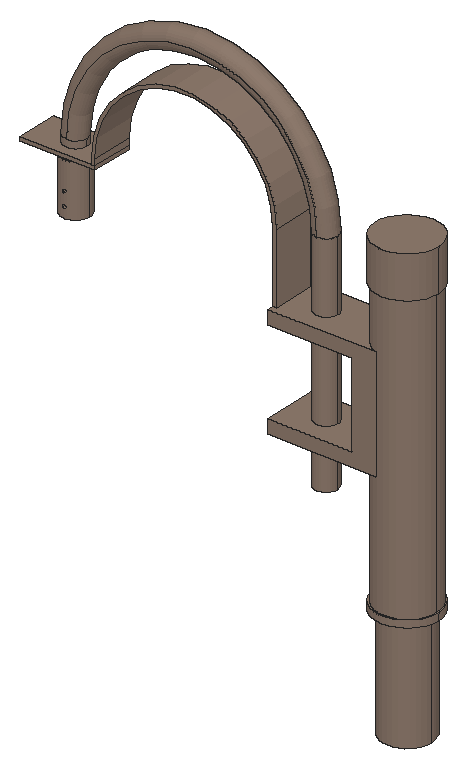
Revit family "PA231", category Generic Models, Revit 2014
Parameters
  END CAP = Bronze, Architectural
  CAP = Bronze, Architectural
  C - ARM = Bronze, Architectural
  BODY = Bronze, Architectural
  BASE = Bronze, Architectural
  1/4" SHEET METAL = Bronze, Architectural
  1 5/8" TUBING = Bronze, Architectural
Reference planes (in)
  plane 1 "Center (Front/Back)": y = 0
  plane 2: z = 0
  plane 3 "Center (Left/Right)": x = 0
  plane 4: y = 1.97359
  plane 5: y = -2.02641
  plane 6: y = -1.52641
  plane 7: y = 1.47359
  plane 8: x = -2.12393
  plane 9: x = -1.99893
Forms (in)
  Extrusion 1, solid, material "Bronze, Architectural" <- "BASE"
    sketch origin (0, 0, 0) x (1, 0, 0) y (0, 1, 0)
      loop
        circle (0, 0) r 1.75
    from -2 to 6
  Extrusion 2, solid, material "Bronze, Architectural" <- "BASE"
    sketch origin (0, 0, 0) x (1, 0, 0) y (0, 1, 0)
      loop
        circle (0, 0) r 2.25
    from 6 to 6.5
  Extrusion 3, solid, material "Bronze, Architectural" <- "BODY"
    sketch origin (0, 0, 0) x (1, 0, 0) y (0, 1, 0)
      loop
        circle (0, 0) r 2.12393
    from 6.5 to 27
  Extrusion 4, solid, material "Bronze, Architectural" <- "CAP"
    sketch origin (0, 0, 0) x (1, 0, 0) y (0, 1, 0)
      loop
        circle (0, 0) r 2.25
    from 27 to 30
  Extrusion 5, solid, material "Bronze, Architectural" <- "C - ARM"
    sketch origin (7.63287, 10.0625, 0.0625) x (1, 0, 0) y (0, 0, 1)
      loop
        line (-16.00787, 23.06886) -> (-16.00787, 22.06886) -> (-10.00787, 22.06886) -> (-10.00787, 16.06886) -> (-16.00787, 16.06886) -> (-16.00787, 15.06886) -> (-8.0458, 15.06886) -> (-8.0458, 23.06886) -> (-16.00787, 23.06886)
    from 8.08891 to 12.08891
  Extrusion 6, solid, material "Bronze, Architectural" <- "1 5/8" TUBING"
    sketch origin (0, 0, 0) x (1, 0, 0) y (0, 1, 0)
      loop
        circle (-5.8125, 0) r 0.8125
    from 11.88136 to 28.125
  Sweep 7, solid, material "Bronze, Architectural" <- "1 5/8" TUBING"
    path origin (0, 0, 0) x (1, 0, 0) y (0, 0, 1)
      loop
        arc (-5.8125, 28.125) -> (-14.78125, 37.09375) -> (-23.75, 28.125) r 8.96875
    profile origin (-14.78125, 0, 37.09375) x (0, 0, -1) y (0, -1, 0)
      loop
        circle (0, 0) r 0.8125
  Extrusion 8, solid, material "Bronze, Architectural" <- "1/4" SHEET METAL"
    sketch origin (0, 0, 0) x (1, 0, 0) y (0, 1, 0)
      loop
        line (-8.375, 1.47359) -> (-8.375, -1.52641) -> (-8.125, -1.52641) -> (-8.125, 1.47359) -> (-8.375, 1.47359)
    from 23.13136 to 28.125
  Extrusion 9, solid, material "Bronze, Architectural" <- "1/4" SHEET METAL"
    sketch origin (0, 0, 0) x (1, 0, 0) y (0, 0, 1)
      loop
        arc (-8.125, 28.125) -> (-14.75, 34.75) -> (-21.375, 28.125) r 6.625
        line (-21.375, 28.125) -> (-21.125, 28.125)
        arc (-21.125, 28.125) -> (-14.75, 34.5) -> (-8.375, 28.125) r 6.375
        line (-8.375, 28.125) -> (-8.125, 28.125)
    from -1.47359 to 1.52641
  Extrusion 10, solid, material "Bronze, Architectural" <- "1/4" SHEET METAL"
    sketch origin (0, 0, 0) x (1, 0, 0) y (0, 0, 1)
      loop
        line (-21.125, 27.625) -> (-26.5, 27.625) -> (-26.5, 27.375) -> (-21.125, 27.375) -> (-21.125, 27.625)
    from -1.47359 to 1.52641
  Extrusion 11, solid, material "Bronze, Architectural" <- "1/4" SHEET METAL"
    sketch origin (0, 0, 0) x (1, 0, 0) y (0, 0, 1)
      loop
        line (-21.125, 28.125) -> (-21.375, 28.125) -> (-21.375, 27.625) -> (-21.125, 27.625) -> (-21.125, 28.125)
    from -1.47359 to 1.52641
  Extrusion 12, solid, material "Bronze, Architectural" <- "1 5/8" TUBING"
    sketch origin (0, 0, 0) x (1, 0, 0) y (0, 1, 0)
      loop
        circle (-23.75, 0) r 0.8125
    from 27.625 to 28.125
  Extrusion 13, solid, material "Bronze, Architectural" <- "1 5/8" TUBING"
    sketch origin (0.00762, 0, 0) x (1, 0, 0) y (0, 1, 0)
      loop
        circle (-23.75, 0) r 0.8125
    from 26.875 to 27.375
  Extrusion 14, solid, material "Bronze, Architectural" <- "END CAP"
    sketch origin (0.03125, 0, 0) x (1, 0, 0) y (0, 1, 0)
      loop
        circle (-23.76889, 0) r 1
    from 23.13136 to 26.875
  Revolve 15, void
    sketch origin (0, 0, 0) x (1, 0, 0) y (0, 0, 1)
      loop
        line (-23.73764, 26.875) -> (-24.48764, 26.875) -> (-24.48764, 23.13136) -> (-23.73764, 23.13136) -> (-23.73764, 26.875)
      axis (-23.73764, 26.875) -> (-23.73764, 23.13136)
    angle from 0 to 360
  Revolve 16, void
    sketch origin (0, 0, 0) x (1, 0, 0) y (0, 0, 1)
      loop
        line (0, -2.02823) -> (0, 6.5) -> (-1.375, 6.5) -> (-1.375, -2.02823) -> (0, -2.02823)
      axis (0, 6.5) -> (0, -2.02823)
    angle from 0 to 360
  Revolve 17, void
    sketch origin (0, 0, 0) x (1, 0, 0) y (0, 0, 1)
      loop
        line (0, 6.5) -> (0, 29.5) -> (-1.99893, 29.5) -> (-1.99893, 6.5) -> (0, 6.5)
      axis (0, 29.5) -> (0, 6.5)
    angle from 0 to 360
  Extrusion 18, void
    sketch origin (0, 0, 0) x (1, 0, 0) y (0, 0, 1)
      loop
        circle (-23.73764, 24.88136) r 0.125
      loop
        circle (-23.73764, 23.88136) r 0.125
    from -1.0281 to 1.02867
Cuts and joins
  joined: Extrusion 6, Sweep 7, Extrusion 12
  joined: Extrusion 8, Extrusion 9, Extrusion 11
  Revolve 16, Revolve 17 cuts Extrusion 1
  Revolve 16, Revolve 17 cuts Extrusion 2
  joined: Extrusion 1, Extrusion 2
  Revolve 15 cuts Extrusion 13
  Revolve 15, Extrusion 18 cuts Extrusion 14
  Revolve 16, Revolve 17 cuts Extrusion 3
  Revolve 17 cuts Extrusion 4
  Revolve 17 cuts Extrusion 5
Lines and regions (in)
  model lines
    curve 1: line (-5.00023, 0, 12.19386) -> (-6.62432, 0, 12.19386)
  reference lines
    curve 2: line (-24.73764, 0, 26.875) -> (-24.73764, 0, 23.13136)
Dimensions and locks (in)
  aligned and locked: plane 2 to level
  aligned and locked: Extrusion 9 to plane 7
  aligned and locked: Extrusion 9 to plane 6
